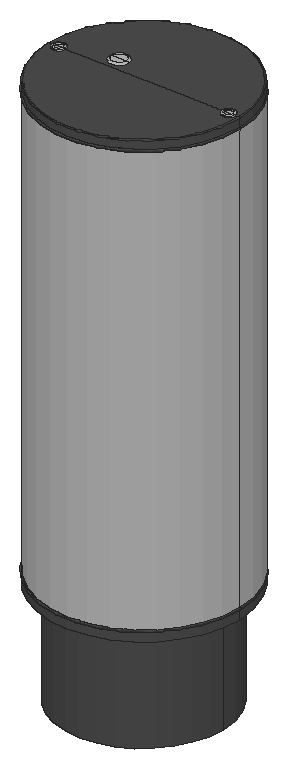
Revit family "Condensing-Storage-Water-Heater-Gas-AO_Smith-TWI-45-190_PN", category Mechanical Equipment, Revit 2014
Reference planes
  plane 1 "Center (Front/Back)": y = 0
  plane 2: z = 0
  plane 3 "Center (Left/Right)": x = 0
Forms (mm)
  Revolve 1, solid, material "RAL 9005"
    sketch origin (0, 0, 385) x (1, 0, 0) y (0, 0, 1)
      loop
        line (0, 1230.694) -> (-277.019, 1230.694)
        arc (-277.019, 1230.694) -> (-278.703, 1229.997) -> (-279.4, 1228.313) r 2.381
        line (-279.4, 1228.313) -> (-279.4, 1206.258)
        arc (-279.4, 1206.258) -> (-282.593, 1203.065) -> (-279.4, 1199.872) r 3.193
        line (-279.4, 1199.872) -> (0, 1199.872) -> (0, 1230.694)
      axis (0, 1230.694) -> (0, 1199.872)
    angle from 0 to 360
  Revolve 2, solid, material "RAL 9005"
    sketch origin (0, 0, 0) x (1, 0, 0) y (0, 0, 1)
      loop
        line (0, 0) -> (0, 336.272) -> (-279.4, 336.272)
        arc (-279.4, 336.272) -> (-282.575, 333.097) -> (-279.4, 329.922) r 3.175
        line (-279.4, 329.922) -> (-279.4, 304.292) -> (-233.686, 304.292) -> (-233.686, 0) -> (0, 0)
      axis (0, 0) -> (0, 336.272)
    angle from 0 to 360
  Revolve 3, solid, material "RAL 9006"
    sketch origin (1.311, 0, 0) x (1, 0, 0) y (0, 0, 1)
      loop
        line (-278.86, 1584.872) -> (-278.86, 336.272) -> (0, 336.272) -> (0, 1584.872) -> (-278.86, 1584.872)
      axis (0, 1584.872) -> (0, 336.272)
    angle from 0 to 360
  Revolve 4, solid, material "RAL 9006"
    sketch origin (9.171, 39.723, 385) x (1, 0, 0) y (0, 0, 1)
      loop
        line (-139.961, 1230.731) -> (-112.873, 1230.731) -> (-112.873, 1233.459) -> (-135.199, 1233.459) -> (-135.199, 1234.795) -> (-139.961, 1230.731)
      axis (-112.873, 1230.731) -> (-112.873, 1234.795)
    angle from 0 to 360
  Revolve 5, solid, material "RAL 9006"
    sketch origin (9.205, 0, 377.212) x (1, 0, 0) y (0, 0, 1)
      loop
        line (-275.142, 1238.255) -> (-256.879, 1238.255) -> (-256.879, 1239.995) -> (-269.736, 1239.995) -> (-269.736, 1241.119) -> (-275.142, 1239.957) -> (-275.142, 1238.255)
      axis (-256.879, 1238.255) -> (-256.879, 1241.119)
    angle from 0 to 360
  Revolve 6, solid, material "RAL 9006"
    sketch origin (-9.205, 0, 377.212) x (-1, 0, 0) y (0, 0, 1)
      loop
        line (-275.142, 1238.255) -> (-256.879, 1238.255) -> (-256.879, 1239.995) -> (-269.736, 1239.995) -> (-269.736, 1241.119) -> (-275.142, 1239.957) -> (-275.142, 1238.255)
      axis (-256.879, 1238.255) -> (-256.879, 1241.119)
    angle from 0 to 360
  Extrusion 7, void
    sketch origin (9.207, 15.57, 145.168) x (-0.573576, -0.819152, 0) y (0, 0, 1)
      loop
        circle (0, 0) r 35
    from 191.954 to 319.17
  Extrusion 8, void
    sketch origin (167.828, 263.467, 23) x (0.939586, -0.342314, 0) y (0, 0, 1)
      loop
        arc (-60, 20) -> (-62.5, 17.5) -> (-60, 15) r 2.5
        line (-60, 15) -> (0, 15)
        arc (0, 15) -> (2.5, 17.5) -> (0, 20) r 2.5
        line (0, 20) -> (-60, 20)
    from 0 to 250
  Extrusion 9, void
    sketch origin (97.359, 289.141, 23) x (0.939586, -0.342314, 0) y (0, 0, 1)
      loop
        arc (-60, 20) -> (-62.5, 17.5) -> (-60, 15) r 2.5
        line (-60, 15) -> (0, 15)
        arc (0, 15) -> (2.5, 17.5) -> (0, 20) r 2.5
        line (0, 20) -> (-60, 20)
    from 0 to 250
  Extrusion 10, void
    sketch origin (167.828, 263.467, 40) x (0.939586, -0.342314, 0) y (0, 0, 1)
      loop
        arc (-60, 20) -> (-62.5, 17.5) -> (-60, 15) r 2.5
        line (-60, 15) -> (0, 15)
        arc (0, 15) -> (2.5, 17.5) -> (0, 20) r 2.5
        line (0, 20) -> (-60, 20)
    from 0 to 250
  Extrusion 11, void
    sketch origin (97.359, 289.141, 40) x (0.939586, -0.342314, 0) y (0, 0, 1)
      loop
        arc (-60, 20) -> (-62.5, 17.5) -> (-60, 15) r 2.5
        line (-60, 15) -> (0, 15)
        arc (0, 15) -> (2.5, 17.5) -> (0, 20) r 2.5
        line (0, 20) -> (-60, 20)
    from 0 to 250
  Extrusion 12, void
    sketch origin (167.828, 263.467, 56.961) x (0.939586, -0.342314, 0) y (0, 0, 1)
      loop
        arc (-60, 20) -> (-62.5, 17.5) -> (-60, 15) r 2.5
        line (-60, 15) -> (0, 15)
        arc (0, 15) -> (2.5, 17.5) -> (0, 20) r 2.5
        line (0, 20) -> (-60, 20)
    from 0 to 250
  Extrusion 13, void
    sketch origin (97.359, 289.141, 56.961) x (0.939586, -0.342314, 0) y (0, 0, 1)
      loop
        arc (-60, 20) -> (-62.5, 17.5) -> (-60, 15) r 2.5
        line (-60, 15) -> (0, 15)
        arc (0, 15) -> (2.5, 17.5) -> (0, 20) r 2.5
        line (0, 20) -> (-60, 20)
    from 0 to 250
  Extrusion 14, void
    sketch origin (167.828, 263.467, 71.961) x (0.939586, -0.342314, 0) y (0, 0, 1)
      loop
        arc (-60, 20) -> (-62.5, 17.5) -> (-60, 15) r 2.5
        line (-60, 15) -> (0, 15)
        arc (0, 15) -> (2.5, 17.5) -> (0, 20) r 2.5
        line (0, 20) -> (-60, 20)
    from 0 to 250
  Extrusion 15, void
    sketch origin (97.359, 289.141, 71.961) x (0.939586, -0.342314, 0) y (0, 0, 1)
      loop
        arc (-60, 20) -> (-62.5, 17.5) -> (-60, 15) r 2.5
        line (-60, 15) -> (0, 15)
        arc (0, 15) -> (2.5, 17.5) -> (0, 20) r 2.5
        line (0, 20) -> (-60, 20)
    from 0 to 250
  Extrusion 16, void
    sketch origin (167.828, 263.467, 86.961) x (0.939586, -0.342314, 0) y (0, 0, 1)
      loop
        arc (-60, 20) -> (-62.5, 17.5) -> (-60, 15) r 2.5
        line (-60, 15) -> (0, 15)
        arc (0, 15) -> (2.5, 17.5) -> (0, 20) r 2.5
        line (0, 20) -> (-60, 20)
    from 0 to 250
  Extrusion 17, void
    sketch origin (97.359, 289.141, 86.961) x (0.939586, -0.342314, 0) y (0, 0, 1)
      loop
        arc (-60, 20) -> (-62.5, 17.5) -> (-60, 15) r 2.5
        line (-60, 15) -> (0, 15)
        arc (0, 15) -> (2.5, 17.5) -> (0, 20) r 2.5
        line (0, 20) -> (-60, 20)
    from 0 to 250
  Extrusion 18, void, not visible
    sketch origin (67.5, 0, 23) x (1, 0, 0) y (0, 0, 1)
      loop
        arc (-60, 20) -> (-62.5, 17.5) -> (-60, 15) r 2.5
        line (-60, 15) -> (0, 15)
        arc (0, 15) -> (2.5, 17.5) -> (0, 20) r 2.5
        line (0, 20) -> (-60, 20)
    from 0 to 250
  Extrusion 19, void, not visible
    sketch origin (-7.5, 0, 23) x (1, 0, 0) y (0, 0, 1)
      loop
        arc (-60, 20) -> (-62.5, 17.5) -> (-60, 15) r 2.5
        line (-60, 15) -> (0, 15)
        arc (0, 15) -> (2.5, 17.5) -> (0, 20) r 2.5
        line (0, 20) -> (-60, 20)
    from 0 to 250
  Extrusion 20, void, not visible
    sketch origin (67.5, 0, 40) x (1, 0, 0) y (0, 0, 1)
      loop
        arc (-60, 20) -> (-62.5, 17.5) -> (-60, 15) r 2.5
        line (-60, 15) -> (0, 15)
        arc (0, 15) -> (2.5, 17.5) -> (0, 20) r 2.5
        line (0, 20) -> (-60, 20)
    from 0 to 250
  Extrusion 21, void, not visible
    sketch origin (-7.5, 0, 40) x (1, 0, 0) y (0, 0, 1)
      loop
        arc (-60, 20) -> (-62.5, 17.5) -> (-60, 15) r 2.5
        line (-60, 15) -> (0, 15)
        arc (0, 15) -> (2.5, 17.5) -> (0, 20) r 2.5
        line (0, 20) -> (-60, 20)
    from 0 to 250
  Extrusion 22, void, not visible
    sketch origin (67.5, 0, 56.961) x (1, 0, 0) y (0, 0, 1)
      loop
        arc (-60, 20) -> (-62.5, 17.5) -> (-60, 15) r 2.5
        line (-60, 15) -> (0, 15)
        arc (0, 15) -> (2.5, 17.5) -> (0, 20) r 2.5
        line (0, 20) -> (-60, 20)
    from 0 to 250
  Extrusion 23, void, not visible
    sketch origin (-7.5, 0, 56.961) x (1, 0, 0) y (0, 0, 1)
      loop
        arc (-60, 20) -> (-62.5, 17.5) -> (-60, 15) r 2.5
        line (-60, 15) -> (0, 15)
        arc (0, 15) -> (2.5, 17.5) -> (0, 20) r 2.5
        line (0, 20) -> (-60, 20)
    from 0 to 250
  Extrusion 24, void, not visible
    sketch origin (67.5, 0, 71.961) x (1, 0, 0) y (0, 0, 1)
      loop
        arc (-60, 20) -> (-62.5, 17.5) -> (-60, 15) r 2.5
        line (-60, 15) -> (0, 15)
        arc (0, 15) -> (2.5, 17.5) -> (0, 20) r 2.5
        line (0, 20) -> (-60, 20)
    from 0 to 250
  Extrusion 25, void, not visible
    sketch origin (-7.5, 0, 71.961) x (1, 0, 0) y (0, 0, 1)
      loop
        arc (-60, 20) -> (-62.5, 17.5) -> (-60, 15) r 2.5
        line (-60, 15) -> (0, 15)
        arc (0, 15) -> (2.5, 17.5) -> (0, 20) r 2.5
        line (0, 20) -> (-60, 20)
    from 0 to 250
  Extrusion 26, void, not visible
    sketch origin (67.5, 0, 86.961) x (1, 0, 0) y (0, 0, 1)
      loop
        arc (-60, 20) -> (-62.5, 17.5) -> (-60, 15) r 2.5
        line (-60, 15) -> (0, 15)
        arc (0, 15) -> (2.5, 17.5) -> (0, 20) r 2.5
        line (0, 20) -> (-60, 20)
    from 0 to 250
  Extrusion 27, void, not visible
    sketch origin (-7.5, 0, 86.961) x (1, 0, 0) y (0, 0, 1)
      loop
        arc (-60, 20) -> (-62.5, 17.5) -> (-60, 15) r 2.5
        line (-60, 15) -> (0, 15)
        arc (0, 15) -> (2.5, 17.5) -> (0, 20) r 2.5
        line (0, 20) -> (-60, 20)
    from 0 to 250
  Extrusion 28, void
    sketch origin (-41.336, 309.633, 193) x (0.939196, 0.343381, 0) y (0, 0, 1)
      loop
        arc (-60, 20) -> (-62.5, 17.5) -> (-60, 15) r 2.5
        line (-60, 15) -> (0, 15)
        arc (0, 15) -> (2.5, 17.5) -> (0, 20) r 2.5
        line (0, 20) -> (-60, 20)
    from 0 to 250
  Extrusion 29, void
    sketch origin (-111.775, 283.879, 193) x (0.939196, 0.343381, 0) y (0, 0, 1)
      loop
        arc (-60, 20) -> (-62.5, 17.5) -> (-60, 15) r 2.5
        line (-60, 15) -> (0, 15)
        arc (0, 15) -> (2.5, 17.5) -> (0, 20) r 2.5
        line (0, 20) -> (-60, 20)
    from 0 to 250
  Extrusion 30, void
    sketch origin (-41.336, 309.633, 210) x (0.939196, 0.343381, 0) y (0, 0, 1)
      loop
        arc (-60, 20) -> (-62.5, 17.5) -> (-60, 15) r 2.5
        line (-60, 15) -> (0, 15)
        arc (0, 15) -> (2.5, 17.5) -> (0, 20) r 2.5
        line (0, 20) -> (-60, 20)
    from 0 to 250
  Extrusion 31, void
    sketch origin (-111.775, 283.879, 210) x (0.939196, 0.343381, 0) y (0, 0, 1)
      loop
        arc (-60, 20) -> (-62.5, 17.5) -> (-60, 15) r 2.5
        line (-60, 15) -> (0, 15)
        arc (0, 15) -> (2.5, 17.5) -> (0, 20) r 2.5
        line (0, 20) -> (-60, 20)
    from 0 to 250
  Extrusion 32, void
    sketch origin (-41.336, 309.633, 226.961) x (0.939196, 0.343381, 0) y (0, 0, 1)
      loop
        arc (-60, 20) -> (-62.5, 17.5) -> (-60, 15) r 2.5
        line (-60, 15) -> (0, 15)
        arc (0, 15) -> (2.5, 17.5) -> (0, 20) r 2.5
        line (0, 20) -> (-60, 20)
    from 0 to 250
  Extrusion 33, void
    sketch origin (-111.775, 283.879, 226.961) x (0.939196, 0.343381, 0) y (0, 0, 1)
      loop
        arc (-60, 20) -> (-62.5, 17.5) -> (-60, 15) r 2.5
        line (-60, 15) -> (0, 15)
        arc (0, 15) -> (2.5, 17.5) -> (0, 20) r 2.5
        line (0, 20) -> (-60, 20)
    from 0 to 250
  Extrusion 34, void
    sketch origin (-41.336, 309.633, 241.961) x (0.939196, 0.343381, 0) y (0, 0, 1)
      loop
        arc (-60, 20) -> (-62.5, 17.5) -> (-60, 15) r 2.5
        line (-60, 15) -> (0, 15)
        arc (0, 15) -> (2.5, 17.5) -> (0, 20) r 2.5
        line (0, 20) -> (-60, 20)
    from 0 to 250
  Extrusion 35, void
    sketch origin (-111.775, 283.879, 241.961) x (0.939196, 0.343381, 0) y (0, 0, 1)
      loop
        arc (-60, 20) -> (-62.5, 17.5) -> (-60, 15) r 2.5
        line (-60, 15) -> (0, 15)
        arc (0, 15) -> (2.5, 17.5) -> (0, 20) r 2.5
        line (0, 20) -> (-60, 20)
    from 0 to 250
  Extrusion 36, void
    sketch origin (-41.336, 309.633, 256.961) x (0.939196, 0.343381, 0) y (0, 0, 1)
      loop
        arc (-60, 20) -> (-62.5, 17.5) -> (-60, 15) r 2.5
        line (-60, 15) -> (0, 15)
        arc (0, 15) -> (2.5, 17.5) -> (0, 20) r 2.5
        line (0, 20) -> (-60, 20)
    from 0 to 250
  Extrusion 37, void
    sketch origin (-111.775, 283.879, 256.961) x (0.939196, 0.343381, 0) y (0, 0, 1)
      loop
        arc (-60, 20) -> (-62.5, 17.5) -> (-60, 15) r 2.5
        line (-60, 15) -> (0, 15)
        arc (0, 15) -> (2.5, 17.5) -> (0, 20) r 2.5
        line (0, 20) -> (-60, 20)
    from 0 to 250
Cuts and joins
  Extrusion 7, Extrusion 8, Extrusion 9, Extrusion 10, Extrusion 11, Extrusion 12, Extrusion 13, Extrusion 14, Extrusion 15, Extrusion 16, Extrusion 17, Extrusion 28, Extrusion 29, Extrusion 30, Extrusion 31, Extrusion 32, Extrusion 33, Extrusion 34, Extrusion 35, Extrusion 36, Extrusion 37 cuts Revolve 2
Dimensions and locks
  aligned and locked: level to plane 2
